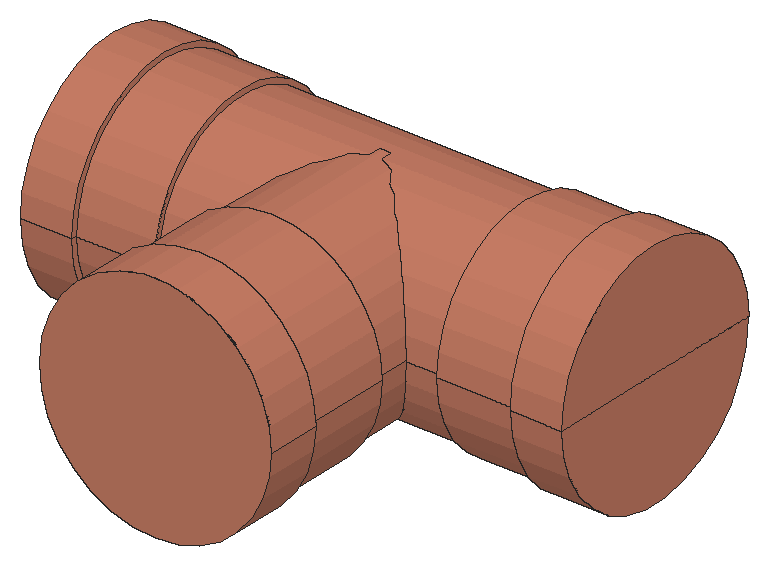
Revit family "Tee-B-PressXL-Water-Gas-Conex-65-100mm", category Pipe Fittings, Revit 2019
Family settings
  Round Connector Dimension = Use Diameter
  Part Type = Tee
  OmniClass Number = 23.60.30.11.14
  OmniClass Title = Pipework Fittings
  Work Plane-Based = No
  Always vertical = Yes
  Cut with Voids When Loaded = No
  Shared = No
Parameters (values of type "Gas")
  Z2 [instance] = size_lookup(Lookup Table Name, "Z2", RunDiameter * 1.1, RunDiameter)  # 67 mm
  Z1 [instance] = size_lookup(Lookup Table Name, "Z1", RunDiameter * 1.1, RunDiameter)  # 67 mm
  WorkingFluidSelector = 1
  WorkingFluid [instance] = if(WorkingFluidSelector = 1, "Gas", if(WorkingFluidSelector = 2, "Water", "WorkingFluid NA"))  # "Gas"
  Uniformat IIElements = "TBC"
  URL = "http://www.conexbanninger.com.au/products/b-press-fittings#t=b-press-xl"
  Type Comments = "TBC"
  SerialNumber [instance] = ""
  SealRingLength_Run [instance] = (L1 - Z1) * 0.4  # 24.4 mm
  ProductCode [instance] = if(and(RunDiameter = 65 mm, WorkingFluidSelector = 1), "404873", if(and(RunDiameter = 80 mm, WorkingFluidSelector = 1), "404874", if(and(RunDiameter = 100 mm, WorkingFluidSelector = 1), "404875", if(and(RunDiameter = 65 mm, WorkingFluidSelector = 2), "404799", if(and(RunDiameter = 80 mm, WorkingFluidSelector = 2), "404800", if(and(RunDiameter = 100 mm, WorkingFluidSelector = 2), "404801", "ProductCode NA"))))))  # "404875"
  OmniclassProducts = "TBC"
  NATSPECWorkSection = "TBC"
  Model Version = "2015"
  Model Status [instance] = ""
  Model Specification = "BMA"
  Mark [instance] = ""
  Loss Method = Not Defined
  L1 [instance] = size_lookup(Lookup Table Name, "L1", RunDiameter * 2, RunDiameter)  # 128 mm
  K Coefficient Table = "Tee"
  FinalHHWFlow [instance] = 0.0 L/s
  ConnectorTolerance [instance] = 2.00°
  BranchOuterDiameter [instance] = (BranchDiameter + FittingOutsideDiameter_Branch) / 2  # 105 mm
  BranchDiameter [instance] = RunDiameter  # 100 mm
  RunDiameter [instance] = 100 mm
  ModifiedIssue_ANZRS = 20161221.54  # constant formula
  Model = "Tee"  # constant formula
  Material = Copper
  Manufacturer = "Conex | Bänninger"  # constant formula
  Lookup Table Name = "Tee-B-PressXL-Water-Gas-Conex-65-100mm"
  SealRingLength_Branch [instance] = SocketDepth_Branch * 0.375  # 25.5 mm
  SocketDepth_Branch [instance] = L3 - Z3  # 68 mm
  L3 [instance] = size_lookup(Lookup Table Name, "L3", RunDiameter * 2, RunDiameter)  # 135 mm
  built-in parameter 1114238 [instance] = not(0 mm < size_lookup(Lookup Table Name, "L1", 0 mm, RunDiameter))  # (empty or 0)
  FittingOutsideDiameter_Branch [instance] = BranchDiameter * 1.1  # 110 mm
  FittingOutsideDiameter_Run [instance] = RunDiameter * 1.1  # 110 mm
  Description = ">B< Press XL has only two internal parts, the grip ring and the seal. Both parts have an internal diameter larger than the tube, which allows for easy tube insertion and pre press leak indication."  # constant formula
  CustomFitting [instance] = not(0 mm < size_lookup(Lookup Table Name, "L1", 0 mm, RunDiameter))  # no
  CreatedByURL_ANZRS = "http://www.bimmepaus.com.au/"
  CreatedBy = "A2K Technologies"  # constant formula
  Assembly Code = "D2090800"
  ConnectorAngle [instance] = 90.00°
  Z3 [instance] = size_lookup(Lookup Table Name, "Z3", RunDiameter * 1.1, RunDiameter)  # 67 mm
  Angle [instance] = if(and(ConnectorAngle < 90.00° + ConnectorTolerance, ConnectorAngle > 90.00° - ConnectorTolerance), 90.00°, ConnectorAngle)  # 90.00°
Types (3, lengths in mm): name | WorkingFluidSelector | WorkingFluid | ProductCode
  (no name) | 1 | "Gas" | "404875"
  Gas | 1 | "Gas" | "404875"
  Water | 2 | "Water" | "404801"
Reference planes
  plane 1 "Center (Front/Back)": y = 0
  plane 2: z = 0
  plane 3 "Center (Left/Right)": x = 0
  plane 4: x = -128
  plane 5: x = 128
  plane 6: y = -50
  plane 7: y = 50
  plane 8: x = 0
  plane 9: y = 55
  plane 10: y = -55
  plane 11: x = -67
  plane 12: x = 67
Forms (mm)
  Sweep 1, solid, material "Copper" <- "Material", detail levels fine
    path origin (0, 0, 0) x (1, 0, 0) y (0, 1, 0)
      loop
        line (-67, 0) -> (67, 0)
    profile origin (0, 0, 0) x (0, 1, 0) y (0, 0, 1)
      loop
        circle (0, 0) r 50
  Revolve 2, solid, material "Copper" <- "Material", detail levels fine
    sketch origin (0, 0, 0) x (1, 0, 0) y (0, 1, 0)
      loop
        line (-128, 0) -> (-67, 0) -> (-67, 52.5) -> (-103.6, 52.5) -> (-103.6, 55) -> (-128, 55) -> (-128, 0)
      axis (-128, 0) -> (-67, 0)
    angle from 0 to 360
  Revolve 3, solid, material "Copper" <- "Material", detail levels fine
    sketch origin (0, 0, 0) x (-1, 0, 0) y (0, 1, 0)
      loop
        line (-128, 0) -> (-67, 0) -> (-67, 52.5) -> (-103.6, 52.5) -> (-103.6, 55) -> (-128, 55) -> (-128, 0)
      axis (-128, 0) -> (-67, 0)
    angle from 0 to 360
  Sweep 4, solid, material "Copper" <- "Material", detail levels fine
    path origin (0, 0, 0) x (1, 0, 0) y (0, 1, 0)
      loop
        line (0, 0) -> (0, -67)
    profile origin (0, -33.5, 0) x (1, 0, 0) y (0, 0, 1)
      loop
        circle (0, 0) r 50
  Sweep 5, solid, material "Copper" <- "Material", detail levels fine
    path origin (0, 0, 0) x (1, 0, 0) y (0, 1, 0)
      loop
        line (0, -67) -> (0, -109.5)
    profile origin (0, -88.25, 0) x (1, 0, 0) y (0, 0, 1)
      loop
        circle (0, 0) r 52.5
  Sweep 6, solid, material "Copper" <- "Material", detail levels fine
    path origin (0, 0, 0) x (1, 0, 0) y (0, 1, 0)
      loop
        line (0, -135) -> (0, -109.5)
    profile origin (0, -122.25, 0) x (-1, 0, 0) y (0, 0, 1)
      loop
        circle (0, 0) r 55
Cuts and joins
  joined: Sweep 1, Revolve 2, Revolve 3
Lines and regions (mm)
  reference lines
    curve 1: line (0, 0, 0) -> (0, -135, 0)
    curve 13: line (-15.321, -135, 0) -> (15.321, -135, 0)
  model lines, detail levels coarse+medium
    curve 2: line (-67, 0, 0) -> (67, 0, 0)
    curve 3: line (67, 50, 0) -> (128, 50, 0)
    curve 4: line (67, -50, 0) -> (67, 50, 0)
    curve 5: line (128, -50, 0) -> (67, -50, 0)
    curve 6: line (-128, 50, 0) -> (-67, 50, 0)
    curve 7: line (-67, -50, 0) -> (-128, -50, 0)
    curve 8: line (-67, 50, 0) -> (-67, -50, 0)
    curve 9: line (0, 0, 0) -> (0, -67, 0)
    curve 10: line (-50, -67, 0) -> (50, -67, 0)
    curve 11: line (-50, -67, 0) -> (-50, -135, 0)
    curve 12: line (50, -67, 0) -> (50, -135, 0)
Dimensions and locks
  equal spacing: plane 4, plane 3 "Center (Left/Right)", plane 5
  equal spacing: plane 6, plane 1 "Center (Front/Back)", plane 7
  "RunDiameter": plane 6 to plane 7
  "L3": curve 1 to curve 13
  locked: plane 1 "Center (Front/Back)" to curve 1 at 0
  locked: curve 1 to plane 8 at 0
  "Z3": curve 10 to curve 9
  "SocketDepth_Branch": curve 11 to curve 11
  "SocketDepth_Branch": curve 12 to curve 12
  equal spacing: curve 11, curve 1, curve 12
  "BranchDiameter": curve 11 to curve 12
  equal spacing: curve 13, curve 1, curve 13, locked at 15.321 each
  "SocketDepth_Branch": curve 13 to curve 10
  "SocketDepth_Branch": curve 13 to Sweep 4 sketch curve
  "SealRingLength_Branch": curve 13 to Sweep 5 sketch curve
  equal spacing: plane 4, plane 8, plane 5
  "Z1": plane 11 to plane 8
  "Z2": plane 8 to plane 12
  "FittingOutsideDiameter_Run": plane 10 to plane 9
  equal spacing: plane 10, plane 1 "Center (Front/Back)", plane 9
  equal spacing: plane 7, Revolve 2 sketch curve, plane 9
  "SealRingLength_Run": plane 4 to Revolve 2 sketch curve
  equal spacing: plane 7, Revolve 3 sketch curve, plane 9
  "SealRingLength_Run": Revolve 3 sketch curve to plane 5
  "L1": plane 4 to plane 8
  "RunDiameter": diameter of Sweep 1 sketch curve
  "BranchDiameter": diameter of Sweep 4 sketch curve
  "BranchOuterDiameter": diameter of Sweep 5 sketch curve
  "FittingOutsideDiameter_Branch": diameter of Sweep 6 sketch curve
  "ConnectorAngle": angle curve 10 to plane 8
  locked: curve 1 to curve 13 (angle 90.00°)
  aligned and locked: level to plane 2
  aligned and locked: plane 1 "Center (Front/Back)" to Sweep 1 sketch curve
  aligned and locked: plane 9 to Revolve 2 sketch curve
  aligned and locked: plane 4 to Revolve 2 sketch curve
  aligned and locked: plane 11 to Revolve 2 sketch curve
  aligned and locked: Revolve 3 sketch curve to plane 9
  aligned and locked: plane 12 to Sweep 1 sketch curve
  aligned and locked: Sweep 4 sketch curve to curve 1
  aligned and locked: Revolve 3 sketch curve to plane 1 "Center (Front/Back)"  (x2)
  aligned and locked: plane 1 "Center (Front/Back)" to Revolve 2 sketch curve  (x2)
  aligned and locked: curve 8 to plane 11
  aligned and locked: curve 10 to Sweep 5 sketch curve
  aligned and locked: curve 1 to Sweep 5 sketch curve
  aligned and locked: Sweep 6 sketch curve to curve 1
  aligned and locked: curve 13 to Sweep 6 sketch curve
  aligned and locked: Sweep 5 to Sweep 6 sketch curve
  aligned and locked: curve 9 to plane 8
  aligned and locked: cut or joined group of Sweep 1, Revolve 2, Revolve 3 to plane 11
  aligned and locked: plane 11 to Sweep 1 sketch curve
  aligned and locked: plane 12 to Revolve 3 sketch curve
  aligned and locked: plane 5 to Revolve 3 sketch curve
  aligned and locked: plane 8 to Sweep 5 sketch curve
  aligned and locked: level to Sweep 5 sketch curve
  aligned and locked: plane 8 to Sweep 6 sketch curve
  aligned and locked: level to Sweep 6 sketch curve
Automatic sketch dimensions
  curve 6 to plane 4 = 0 mm
  curve 7 to plane 4 = 0 mm
  plane 7 to curve 3 = 0 mm
  curve 3 to plane 12 = 0 mm
  curve 5 to plane 5 = 0 mm
  curve 3 to plane 5 = 0 mm
  plane 6 to curve 4 = 0 mm
  plane 6 to curve 7 = 0 mm
  plane 7 to curve 6 = 0 mm
  Sweep 1 sketch curve to level = 0 mm
  Sweep 1 sketch curve to profile plane = 0 mm
  Revolve 2 sketch curve to plane 4 = 0 mm
  Revolve 2 sketch curve to plane 11 = 0 mm
  Revolve 3 sketch curve to plane 5 = 0 mm
  Revolve 3 sketch curve to plane 12 = 0 mm
  plane 1 "Center (Front/Back)" to Sweep 4 sketch curve = 0 mm
  Sweep 4 sketch curve to level = 0 mm
  profile plane to Sweep 4 sketch curve = 0 mm
Connectors
  piping at (-67, 0, 0), diameter 100, driven by "RunDiameter"
    settings: on cut or joined group of Sweep 1, Revolve 2, Revolve 3, index 1, connector inside diameter 609.6 mm, connector length 0 mm, flow factor 0, pipe flow 0.0 L/s, pressure drop 0.0 Pa, fitting loss kfactor 0, connector angle 0.00°, fixture units 0, engagement length 0 mm, angle of deflection 0.00°, flow configuration 0, flow direction 0, fitting loss method 0, system type 28, joint type 0, gender type 0, connector reference index 2, connector utility 0, adjustable connector yes, is connector primary yes, connector description ""
  piping at (67, 0, 0), diameter 100, driven by "RunDiameter"
    settings: on cut or joined group of Sweep 1, Revolve 2, Revolve 3, index 2, connector inside diameter 609.6 mm, connector length 0 mm, flow factor 0, pipe flow 0.0 L/s, pressure drop 0.0 Pa, fitting loss kfactor 0, connector angle 0.00°, fixture units 0, engagement length 0 mm, angle of deflection 0.00°, flow configuration 0, flow direction 0, fitting loss method 0, system type 28, joint type 0, gender type 0, connector reference index 1, connector utility 0, adjustable connector yes, is connector primary no, connector description ""
  piping at (0, -67, 0), diameter 100, driven by "Angle", driven by "BranchDiameter"
    settings: on Sweep 4, index 3, connector inside diameter 609.6 mm, connector length 0 mm, flow factor 0, pipe flow 0.0 L/s, pressure drop 0.0 Pa, fitting loss kfactor 0, connector angle 90.00°, fixture units 0, engagement length 0 mm, angle of deflection 0.00°, flow configuration 0, flow direction 0, fitting loss method 0, system type 28, joint type 0, gender type 0, connector reference index -1, connector utility 0, adjustable connector yes, is connector primary no, connector description ""
